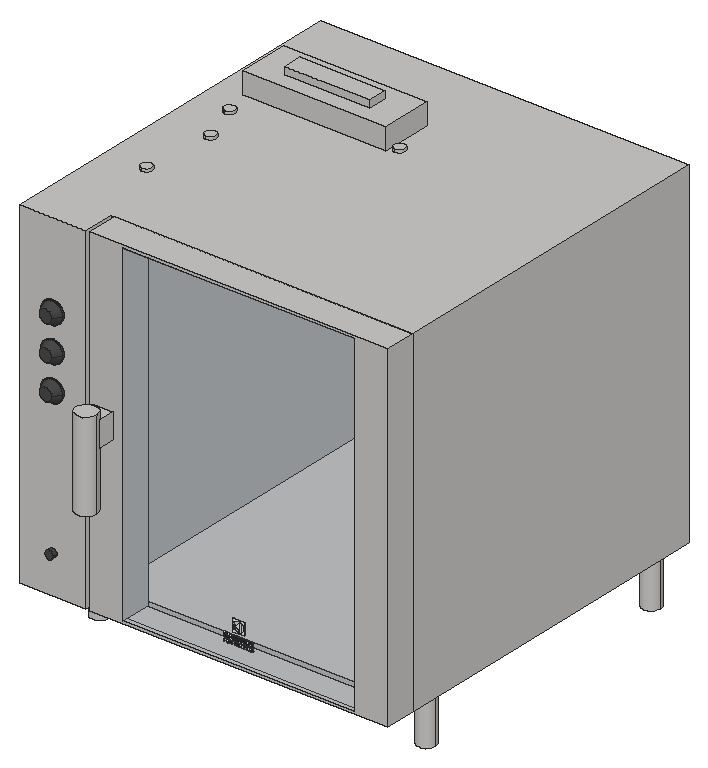
Revit family "QF_ELECTROLUXPROFESSIONAL_260819_EFCG11CSAS", category Attrezzature speciali, Revit 2018
Family settings
  Quota connettore circolare = Usa diametro
  Tipo di parte = Normale
  Basato su piano di lavoro = No
  Sempre verticale = Sì
  Taglio con vuoti quando caricato = No
  Condiviso = No
  Punto di calcolo locali = No
Parameters (values of type "Standard")
  Weight = 136.00 kg
  Watts = 350 W
  Volts = 220 V
  URL Manufacturer = "https://www.electroluxprofessional.com/"
  URL = "https://www.electroluxprofessional.com/"
  Steam Supply Size = 0 mm
  Steam Supply Minimum Pressure = 0.0 Pa
  Steam Supply Maximum Pressure = 0.0 Pa
  Steam Consumption per Hour = 0
  Show Logo [instance] = yes
  Show Clearance [instance] = yes
  Refrigeration Suction Line Size = 0 mm
  Refrigeration Liquid Line Size = 0 mm
  Refrigerant Compressor Remote = yes
  Produttore = "Electrolux Professional"
  Phase = 1
  Modello = "EFCG11CSAS"
  Length Actual = 890 mm  # constant formula
  Item Number = "260819"
  Hot Water Size = 0 mm
  Height Actual = 970 mm  # constant formula
  HP = "0.5 HP"
  Gas Size = 12.7 mm
  Gas KW = 18.5
  Gas Input Pressure = 0.102193 W
  Direct Waste Size = 25 mm
  Descrizione = "CONVECTION OVEN CW 10 GN 1/1 - GAS"
  Depth Actual = 900 mm  # constant formula
  Cycle = 50 Hz
  Condensate Return Size = 0 mm
  Compressed Air Volume = 0.0 L/s
  Compressed Air Size = 0 mm
  Compressed Air Pressure = 0.0 Pa
  Cold Water Size = 19.05 mm
  Accessory = yes
Types (2, lengths in mm): name | URL | Produttore | Phase | Modello | Gas Size | Direct Waste Size | Descrizione | Cold Water Size
  (no name) | 0 | 0 | 0 | 0 | 0 | 0 | 0 | 0
  Standard | "https://www.electroluxprofessional.com/" | "Electrolux Professional" | 1 | "EFCG11CSAS" | 12.7 | 25 | "CONVECTION OVEN CW 10 GN 1/1 - GAS" | 19.05
Values of the unnamed type that differ from the named types
  Weight = 0.00 kg
  Watts = 0 W
  Volts = 0 V
  URL Manufacturer = ""
  Item Number = ""
  HP = ""
  Gas KW = 0
  Gas Input Pressure = 0 W
  Cycle = 0 Hz
Reference planes
  plane 1 "Center X": y = 24.851
  plane 2: z = 0
  plane 3 "Center Y": x = -315
  plane 4 "LEFT": x = -760
  plane 5 "BACK": y = 479.851
  plane 6 "RIGHT": x = 130
  plane 7 "FRONT": y = -430.149
  plane 8: x = -710
  plane 9: y = 421.851
  plane 10: y = -355.149
  plane 11: x = 80
  plane 12: y = -1111.149
  plane 13: z = 130
  plane 14 "Center Z": z = 950
  plane 15: z = 0
Forms (mm)
  Extrusion 1, solid, material "QF_Finishes_Stainless Steel"
    sketch origin (0, 0, 950) x (-1, 0, 0) y (0, -1, 0)
      loop
        line (760, -479.851) -> (760, 430.149) -> (600, 430.149) -> (600, 355.149) -> (-130, 355.149) -> (-130, -479.851) -> (760, -479.851)
    from 0 to -820
  Extrusion 2, solid, material "QF_Finishes_Stainless Steel"
    sketch origin (0, -430.149, -670) x (-1, 0, 0) y (0, 0, 1)
      loop
        line (590, 1620) -> (-130, 1620) -> (-130, 800) -> (590, 800) -> (590, 1620)
      loop
        line (510, 1615) -> (-50, 1615) -> (-50, 805) -> (510, 805) -> (510, 1615)
    from 0 to 75
  Extrusion 3, solid, material "QF_Finishes_Glass"
    sketch origin (0, -430.149, -670) x (-1, 0, 0) y (0, 0, 1)
      loop
        line (-50, 1615) -> (-50, 805) -> (510, 805) -> (510, 1615) -> (-50, 1615)
    from 0 to 9.69
  Extrusion 4, solid, material "QF_Finishes_Stainless Steel"
    sketch origin (-1, -265, 955) x (0, -1, 0) y (-1, 0, 0)
      loop
        circle (-265.851, 643) r 13.25
    from 0 to 5
  Extrusion 5, solid, material "QF_Door-Drawer Clearances", visible <- "Show Clearance", detail levels coarse
    sketch origin (0, 0, 950) x (-1, 0, 0) y (0, -1, 0)
      loop
        arc (590, 430.149) -> (362.228, 910.45) -> (-130, 1111.149) r 734.22
        line (-130, 1111.149) -> (-130, 430.149) -> (590, 430.149)
    from -820 to 0
  Extrusion 6, solid, material "QF_Finishes_Black"
    sketch origin (24, -430.149, -766.676) x (-1, 0, 0) y (0, 0, 1)
      loop
        circle (704, 1512.5) r 26.676
    from 0 to -3
  Blend 7, solid, material "QF_Finishes_Black"
    base sketch origin (-21, -430.149, -766.676) x (1, 0, 0) y (0, 0, 1)
      loop
        circle (-659, 1512.5) r 25
    top sketch origin (-21, -430.149, -766.676) x (1, 0, 0) y (0, 0, 1)
      loop
        circle (-659, 1512.5) r 15
    from 3 to 21.442
  Extrusion 8, solid, material "QF_Finishes_Black"
    sketch origin (24, -430.149, -851.676) x (-1, 0, 0) y (0, 0, 1)
      loop
        circle (704, 1512.5) r 26.676
    from 0 to -3
  Blend 9, solid, material "QF_Finishes_Black"
    base sketch origin (-21, -430.149, -851.676) x (1, 0, 0) y (0, 0, 1)
      loop
        circle (-659, 1512.5) r 25
    top sketch origin (-21, -430.149, -851.676) x (1, 0, 0) y (0, 0, 1)
      loop
        circle (-659, 1512.5) r 15
    from 3 to 21.442
  Extrusion 10, solid, material "QF_Finishes_Black"
    sketch origin (24, -430.149, -936.676) x (-1, 0, 0) y (0, 0, 1)
      loop
        circle (704, 1512.5) r 26.676
    from 0 to -3
  Blend 11, solid, material "QF_Finishes_Black"
    base sketch origin (-21, -430.149, -936.676) x (1, 0, 0) y (0, 0, 1)
      loop
        circle (-659, 1512.5) r 25
    top sketch origin (-21, -430.149, -936.676) x (1, 0, 0) y (0, 0, 1)
      loop
        circle (-659, 1512.5) r 15
    from 3 to 21.442
  Extrusion 12, solid, material "QF_Finishes_Stainless Steel"
    sketch origin (-18, -437, 955) x (0, -1, 0) y (-1, 0, 0)
      loop
        circle (-265.851, 643) r 13.25
    from 0 to 5
  Extrusion 13, solid, material "QF_Finishes_Stainless Steel"
    sketch origin (309, -81, 955) x (0, -1, 0) y (-1, 0, 0)
      loop
        circle (-265.851, 643) r 13.25
    from 0 to 5
  Extrusion 14, solid, material "QF_Finishes_Stainless Steel"
    sketch origin (0, 0, 575) x (-1, 0, 0) y (0, -1, 0)
      loop
        circle (559.299, 480.149) r 25
    from -193.655 to 20
  Extrusion 15, solid, material "QF_Finishes_Stainless Steel"
    sketch origin (0, 0, 575) x (-1, 0, 0) y (0, -1, 0)
      loop
        line (534.299, 480.149) -> (534.299, 430.149) -> (584.299, 430.149) -> (584.299, 480.149)
        arc (584.299, 480.149) -> (559.299, 455.149) -> (534.299, 480.149) r 25
    from -55.026 to 5
  Extrusion 16, solid, material "QF_Finishes_Black"
    sketch origin (25, -480.149, -1017.5) x (-1, 0, 0) y (0, 0, 1)
      loop
        circle (705.941, 1240.523) r 10
    from 40 to 50
  Extrusion 17, solid, material "QF_Finishes_Stainless Steel"
    sketch origin (-34, -166, 955) x (0, -1, 0) y (-1, 0, 0)
      loop
        circle (-265.851, 643) r 13.25
    from 0 to 5
  Extrusion 18, solid, material "QF_Finishes_Stainless Steel"
    sketch origin (-84.755, -13.423, 1620) x (-1, 0, 0) y (0, -1, 0)
      loop
        line (611.245, -302.274) -> (611.245, -178.274) -> (265.245, -178.274) -> (265.245, -302.274) -> (611.245, -302.274)
    from -670 to -619
  Extrusion 19, solid, material "QF_Finishes_Stainless Steel"
    sketch origin (-84.755, -13.423, 1001) x (-1, 0, 0) y (0, -1, 0)
      loop
        line (541.245, -263.274) -> (541.245, -217.274) -> (335.245, -217.274) -> (335.245, -263.274) -> (541.245, -263.274)
    from 0 to 17
  Extrusion 20, void
    sketch origin (-600, -680.149, 1750) x (-1, 0, 0) y (0, 0, 1)
      loop
        line (0, -819.037) -> (-650, -819.037) -> (-650, -1605) -> (0, -1605) -> (0, -819.037)
    from 325 to 1102
Cuts and joins
  Extrusion 20 cuts Extrusion 1
Lines and regions (mm)
  Split face 1
    outline origin (-760, -430.149, 950) x (0, 0, -1) y (1, 0, 0)
      loop
        line (5, 15) -> (815, 15) -> (815, 145) -> (5, 145) -> (5, 15)
  Split face 2
    outline origin (-776.25, -430.149, 941.25) x (0, 0, -1) y (1, 0, 0)
      loop
        line (447.5, 78.5) -> (463.75, 78.5) -> (463.75, 113.5) -> (447.5, 113.5) -> (447.5, 78.5)
  Split face 3
    outline origin (30, -430.149, 135) x (1, 0, 0) y (0, 0, 1)
      loop
        line (-526.223, 92.039) -> (-375, 92.039) -> (-346.716, 120.323) -> (-260, 120.323) -> (-173.284, 120.323) -> (-145, 92.039) -> (6.223, 92.039) -> (6.223, 732.039) -> (-526.223, 732.039) -> (-526.223, 92.039)
  Split face 4
    outline origin (-760, -430.149, 950) x (0, 0, -1) y (1, 0, 0)
      loop
        line (770, 15) -> (770, 145)
  Split face 5
    outline origin (-640, -430.149, 950) x (-1, 0, 0) y (0, 0, -1)
      loop
        line (105, 50) -> (-25, 50)
  symbolic lines
    curve 1: line (-760, -430.149, 1620) -> (-760, 479.851, 1620)
    curve 2: line (-760, 479.851, 1620) -> (130, 479.851, 1620)
    curve 3: line (-600, -355.149, 1620) -> (130, -355.149, 1620)
    curve 4: line (-600, -355.149, 1620) -> (-600, -430.149, 1620)
    curve 5: line (-760, -430.149, 1620) -> (130, -430.149, 1620)
    curve 6: line (-706.676, -433.149, 1620) -> (-653.324, -433.149, 1620)
    curve 7: line (-695, -451.591, 1620) -> (-665, -451.591, 1620)
    curve 8: line (-706.676, -433.149, 1620) -> (-706.676, -430.149, 1620)
    curve 9: line (-653.324, -433.149, 1620) -> (-653.324, -430.149, 1620)
    curve 10: line (-695, -451.591, 1620) -> (-705, -433.149, 1620)
    curve 11: line (-665, -451.591, 1620) -> (-655.006, -433.149, 1620)
    curve 12: line (130, 479.851, 1620) -> (130, -430.149, 1620)
    curve 15: arc (-534.299, -480.149, 1620) -> (-559.299, -455.149, 1620) -> (-584.299, -480.149, 1620) r 25
    curve 16: arc (-584.299, -480.149, 1620) -> (-559.299, -505.149, 1620) -> (-534.299, -480.149, 1620) r 25
    curve 17: line (-534.299, -480.149, 1620) -> (-534.299, -430.149, 1620)
    curve 18: line (-584.299, -430.149, 1620) -> (-584.299, -480.149, 1620)
    curve 19: line (-420, 249.851, 1001) -> (-626, 249.851, 1001)
    curve 20: line (-626, 249.851, 1001) -> (-626, 203.851, 1001)
    curve 21: line (-626, 203.851, 1001) -> (-420, 203.851, 1001)
    curve 22: line (-420, 203.851, 1001) -> (-420, 249.851, 1001)
    curve 23: line (-350, 288.851, 1001) -> (-696, 288.851, 1001)
    curve 24: line (-696, 288.851, 1001) -> (-696, 164.851, 1001)
    curve 25: line (-696, 164.851, 1001) -> (-350, 164.851, 1001)
    curve 26: line (-350, 164.851, 1001) -> (-350, 288.851, 1001)
  symbolic lines, style "QF_Door-Drawer Clearances"
    curve 13: line (130, -1111.149, 1620) -> (130, -430.149, 1620)
    curve 14: arc (-590, -430.149, 1620) -> (-362.228, -910.45, 1620) -> (130, -1111.149, 1620) r 734.22
Dimensions and locks
  equal spacing: plane 4 "LEFT", plane 3 "Center Y", plane 6 "RIGHT"
  plane 4 "LEFT" to plane 6 "RIGHT" = 890 mm
  plane 5 "BACK" to plane 7 "FRONT" = 910 mm
  equal spacing: plane 5 "BACK", plane 1 "Center X", plane 7 "FRONT"
  plane 5 "BACK" to plane 12 = 1591 mm
  plane 13 to plane 15 = 130 mm
  plane 14 "Center Z" to plane 13 = 820 mm
  plane 14 "Center Z" to plane 15 = 950 mm
  aligned and locked: level to plane 2
  aligned and locked: plane 13 to nested 1
  aligned and locked: plane 13 to nested 2
  aligned and locked: plane 13 to nested 4
  aligned and locked: plane 13 to nested 3
  aligned and locked: Extrusion 1 to plane 13
  aligned and locked: Blend 7 to Extrusion 6
  aligned and locked: Blend 9 to Extrusion 8
  aligned and locked: Blend 11 to Extrusion 10
  aligned and locked: Extrusion 18 to plane 14 "Center Z"
Automatic sketch dimensions
  curve 14 to plane 6 "RIGHT" = 0 mm
  curve 17 to plane 7 "FRONT" = 0 mm
  curve 4 to plane 10 = 0 mm
  curve 1 to plane 4 "LEFT" = 0 mm
  curve 1 to plane 5 "BACK" = 0 mm
  curve 13 to plane 12 = 0 mm
  plane 6 "RIGHT" to curve 14 = 12.296 mm
  curve 17 to plane 7 "FRONT" = 50 mm
  plane 8 to curve 17 = 175.701 mm
  curve 15 to curve 16 = 25 mm
  curve 18 to curve 4 = 15.701 mm
  curve 9 to plane 7 "FRONT" = 3 mm
  curve 4 to curve 9 = 53.324 mm
  curve 6 to curve 7 = 11.676 mm
  plane 8 to curve 7 = 15 mm
  plane 8 to curve 8 = 3.324 mm
  curve 14 to plane 10 = 21.883 mm
  curve 10 to curve 10 = 18.442 mm
  curve 6 to curve 11 = 1.682 mm
  curve 10 to curve 6 = 1.676 mm
  Extrusion 1 sketch curve to plane 5 "BACK" = 0 mm
  Extrusion 1 sketch curve to plane 6 "RIGHT" = 0 mm
  Extrusion 1 sketch curve to plane 10 = 0 mm
  Extrusion 1 sketch curve to plane 7 "FRONT" = 0 mm
  Extrusion 1 sketch curve to plane 4 "LEFT" = 0 mm
  plane 8 to Extrusion 1 sketch curve = 110 mm
  Extrusion 2 sketch curve to plane 6 "RIGHT" = 0 mm
  Extrusion 2 sketch curve to plane 13 = 0 mm
  Extrusion 2 sketch curve to plane 14 "Center Z" = 0 mm
  plane 13 to Extrusion 2 sketch curve = 5 mm
  Extrusion 2 sketch curve to plane 11 = 30 mm
  Extrusion 2 sketch curve to plane 14 "Center Z" = 5 mm
  Extrusion 2 sketch curve to plane 3 "Center Y" = 195 mm
  Extrusion 2 sketch curve to Extrusion 2 sketch curve = 80 mm
  plane 13 to Extrusion 3 sketch curve = 5 mm
  Extrusion 3 sketch curve to plane 11 = 30 mm
  Extrusion 3 sketch curve to plane 3 "Center Y" = 195 mm  (x2)
  Extrusion 3 sketch curve to plane 14 "Center Z" = 5 mm
  plane 1 "Center X" to Extrusion 4 sketch curve = 24 mm
  plane 8 to Extrusion 4 sketch curve = 66 mm
  Extrusion 5 sketch curve to plane 6 "RIGHT" = 0 mm
  Extrusion 5 sketch curve to plane 7 "FRONT" = 0 mm
  Extrusion 5 sketch curve to plane 12 = 0 mm
  plane 6 "RIGHT" to Extrusion 5 sketch curve = 12.296 mm
  plane 8 to Extrusion 5 sketch curve = 120 mm
  Split face 1 sketch curve to Extrusion 1 = 5 mm  (x2)
  Split face 1 sketch curve to Extrusion 1 = 15 mm  (x2)
  plane 8 to Extrusion 6 sketch curve = 30 mm
  Extrusion 6 sketch curve to plane 14 "Center Z" = 204.176 mm
  Extrusion 2 to Blend 7 sketch curve = 90 mm  (x2)
  Extrusion 2 to Blend 7 sketch curve = 199.176 mm  (x2)
  plane 8 to Extrusion 8 sketch curve = 30 mm
  Extrusion 8 sketch curve to plane 14 "Center Z" = 289.176 mm
  Extrusion 2 to Blend 9 sketch curve = 90 mm  (x2)
  Extrusion 2 to Blend 9 sketch curve = 284.176 mm  (x2)
  plane 8 to Extrusion 10 sketch curve = 30 mm
  Extrusion 10 sketch curve to plane 14 "Center Z" = 374.176 mm
  Extrusion 2 to Blend 11 sketch curve = 90 mm  (x2)
  Extrusion 2 to Blend 11 sketch curve = 369.176 mm  (x2)
  Split face 2 sketch curve to Extrusion 1 = 62.75 mm
  Split face 2 sketch curve to Extrusion 1 = 363.75 mm
  Split face 2 sketch curve to Split face 2 sketch curve = 16.25 mm
  Split face 2 sketch curve to Split face 2 sketch curve = 35 mm
  plane 8 to Extrusion 12 sketch curve = 49 mm
  plane 10 to Extrusion 12 sketch curve = 184 mm
  Extrusion 13 sketch curve to plane 3 "Center Y" = 19 mm
  Extrusion 13 sketch curve to plane 1 "Center X" = 160 mm
  Extrusion 14 sketch curve to plane 7 "FRONT" = 50 mm
  plane 8 to Extrusion 14 sketch curve = 150.701 mm
  Extrusion 15 sketch curve to plane 7 "FRONT" = 0 mm
  plane 8 to Extrusion 15 sketch curve = 175.701 mm
  Extrusion 15 sketch curve to Extrusion 15 sketch curve = 25 mm
  Extrusion 15 sketch curve to plane 7 "FRONT" = 50 mm
  Split face 3 sketch curve to Extrusion 3 = 13.777 mm  (x2)
  Split face 3 sketch curve to Split face 3 sketch curve = 151.223 mm
  Split face 3 sketch curve to Split face 3 sketch curve = 28.284 mm  (x3)
  Split face 3 sketch curve to Split face 3 sketch curve = 86.716 mm  (x2)
  Split face 3 sketch curve to Extrusion 3 = 92.039 mm  (x2)
  Split face 3 sketch curve to Extrusion 3 = 77.961 mm
  Split face 4 sketch curve to Extrusion 1 = 15 mm  (x2)
  Split face 4 sketch curve to Extrusion 1 = 50 mm
  plane 8 to Extrusion 16 sketch curve = 29.059 mm
  plane 13 to Extrusion 16 sketch curve = 93.023 mm
  Split face 5 sketch curve to Extrusion 1 = 15 mm  (x2)
  Split face 5 sketch curve to Extrusion 1 = 50 mm
  Extrusion 17 sketch curve to plane 1 "Center X" = 75 mm
  plane 8 to Extrusion 17 sketch curve = 33 mm
  Extrusion 18 sketch curve to plane 3 "Center Y" = 35 mm
  plane 8 to Extrusion 18 sketch curve = 14 mm
  Extrusion 18 sketch curve to plane 9 = 133 mm
  Extrusion 18 sketch curve to Extrusion 18 sketch curve = 124 mm
  Extrusion 19 sketch curve to Extrusion 18 = 70 mm  (x2)
  Extrusion 19 sketch curve to Extrusion 18 = 39 mm  (x2)
  curve 22 to Extrusion 18 = 70 mm
  curve 21 to Extrusion 18 = 70 mm
  curve 19 to Extrusion 18 = 39 mm
  curve 21 to Extrusion 18 = 39 mm
  curve 23 to Extrusion 18 = 0 mm  (x2)
  curve 24 to Extrusion 18 = 0 mm
  Extrusion 18 to curve 25 = 0 mm
  Extrusion 20 sketch curve to plane 11 = 30 mm
  plane 13 to Extrusion 20 sketch curve = 15 mm
  plane 8 to Extrusion 20 sketch curve = 110 mm
  Extrusion 20 sketch curve to plane 14 "Center Z" = 19.037 mm
  radius of Extrusion 4 sketch curve = 13.25 mm
  radius of Extrusion 6 sketch curve = 26.676 mm
  radius of Blend 7 sketch curve = 25 mm
  radius of Blend 7 sketch curve = 15 mm
  radius of Extrusion 8 sketch curve = 26.676 mm
  radius of Blend 9 sketch curve = 25 mm
  radius of Blend 9 sketch curve = 15 mm
  radius of Extrusion 10 sketch curve = 26.676 mm
  radius of Blend 11 sketch curve = 25 mm
  radius of Blend 11 sketch curve = 15 mm
  radius of Extrusion 12 sketch curve = 13.25 mm
  radius of Extrusion 13 sketch curve = 13.25 mm
  radius of Extrusion 14 sketch curve = 25 mm
  radius of Extrusion 16 sketch curve = 10 mm
  radius of Extrusion 17 sketch curve = 13.25 mm
Nested families
  nested 1: "Foot" at (-710, -250.149, 0), type "Foot"
    with Ø 22 mm, H 130 mm
  nested 2: "Foot" at (80, -250.149, 0), type "Foot"
    with Ø 22 mm, H 130 mm
  nested 3: "Foot" at (80, 429.851, 0), type "Foot"
    with Ø 22 mm, H 130 mm
  nested 4: "Foot" at (-710, 429.851, 0), type "Foot"
    with Ø 22 mm, H 130 mm
  nested 5: "ELX_Pro_Logo" at (-230, -430.149, 203.512) x (1, 0, 0) z (0, -1, 0), type "ELX_Pro_Logo"
Connectors
  piping at (-334, 184.851, 955), diameter 25, driven by "Direct Waste Size"
    settings: on Extrusion 13, index 6, connector inside diameter 609.6 mm, connector length 0 mm, flow factor 0, pipe flow 0.0 L/s, pressure drop 0.0 Pa, fitting loss kfactor 0, connector angle 0.00°, fixture units 0, engagement length 0 mm, angle of deflection 0.00°, flow configuration 0, flow direction 0, fitting loss method 0, system type 16, joint type 0, gender type 0, connector reference index -1, connector utility 0, adjustable connector no, is connector primary yes, connector description "Drain"
  electrical at (-661, -171.149, 955)
    settings: on Extrusion 12, index 7, voltage 0 V, apparent load 0 VA, apparent load phase1 0 VA, apparent load phase2 0 VA, apparent load phase3 0 VA, power factor 1, load classification "Altro", number of poles 1, system type 30, power factor state 1, is connector primary yes, connector utility no, sub classification motor no, connector description ""
  piping at (-644, 0.851, 955), diameter 19.05, driven by "Cold Water Size"
    settings: on Extrusion 4, index 8, connector inside diameter 609.6 mm, connector length 0 mm, flow factor 0, pipe flow 0.0 L/s, pressure drop 0.0 Pa, fitting loss kfactor 0, connector angle 0.00°, fixture units 0, engagement length 0 mm, angle of deflection 0.00°, flow configuration 0, flow direction 0, fitting loss method 0, system type 20, joint type 0, gender type 0, connector reference index -1, connector utility 0, adjustable connector no, is connector primary no, connector description "Cold Water Inlet"
  piping at (-677, 99.851, 955), diameter 26.4
    settings: on Extrusion 17, index 9, connector inside diameter 609.6 mm, connector length 0 mm, flow factor 0, pipe flow 0.0 L/s, pressure drop 0.0 Pa, fitting loss kfactor 0, connector angle 0.00°, fixture units 0, engagement length 0 mm, angle of deflection 0.00°, flow configuration 0, flow direction 0, fitting loss method 0, system type 22, joint type 0, gender type 0, connector reference index -1, connector utility 0, adjustable connector no, is connector primary no, connector description "Gas"
Definition of nested family "Foot"
  Parameters
    Ø [instance] = 20 mm
    H [instance] = 50 mm
  Reference planes
    plane 1 "Centro (Fronte/Retro)": y = 0
    plane 2: z = 0
    plane 3 "Centro (Sinistra/Destra)": x = 0
    plane 4: z = 50
  Forms (mm)
    Revolve 1, solid
      sketch origin (255.05, 0, 608.09) x (0, 0, 1) y (-1, 0, 0)
        loop
          line (-608.09, 255.05) -> (-608.09, 235.05) -> (-558.09, 235.05) -> (-558.09, 255.05) -> (-608.09, 255.05)
        axis (-608.09, 255.05) -> (-558.09, 255.05)
      angle from 0 to 360
  Dimensions and locks
    "H": plane 4 to plane 2
    "Ø": Revolve 1 sketch curve to Revolve 1 sketch curve
    aligned and locked: level to plane 2
    aligned and locked: plane 4 to Revolve 1 sketch curve
    aligned and locked: Revolve 1 sketch curve to level
    aligned and locked: plane 3 "Centro (Sinistra/Destra)" to Revolve 1 sketch curve
  Automatic sketch dimensions
    Revolve 1 sketch curve to plane 3 "Centro (Sinistra/Destra)" = 0 mm
    Revolve 1 sketch curve to Revolve 1 sketch curve = 50 mm
    Revolve 1 sketch curve to Revolve 1 sketch curve = 20 mm
Definition of nested family "ELX_Pro_Logo"
  Parameters (values of type "ELX_Pro_Logo")
    M = none
    Default Elevation = 0 mm
  Reference planes
    plane 1 "Centro (Fronte/Retro)": y = 0
    plane 2: z = 0
    plane 3 "Centro (Sinistra/Destra)": x = 0
  Forms (mm)
    Extrusion 1, solid
      sketch origin (0, 0, 0) x (1, 0, 0) y (0, 1, 0)
        loop
          line (-1219.2, 1219.2) -> (-1219.2, -1219.2) -> (1219.2, -1219.2) -> (1219.2, 1219.2) -> (-1219.2, 1219.2)
      from 0 to -304.8
    Extrusion 2, solid, material <- "M"
      sketch origin (-144.622, -1081.55, 0) x (-1, 0, 0) y (0, -1, 0)
        loop
          line (-111.329, -1069.559) -> (-111.329, -1071.073) -> (-116.048, -1071.073) -> (-116.048, -1072.896) -> (-111.328, -1072.896) -> (-111.328, -1075.549) -> (-116.349, -1075.549) -> (-116.349, -1077.368) -> (-109.396, -1077.368) -> (-109.396, -1073.46) -> (-109.396, -1069.659)
          arc (-109.396, -1069.659) -> (-110.425, -1067.175) -> (-112.909, -1066.146) r 3.513
          line (-112.909, -1066.146) -> (-116.483, -1066.146) -> (-116.483, -1067.963) -> (-112.925, -1067.963)
          arc (-112.925, -1067.963) -> (-111.797, -1068.431) -> (-111.329, -1069.559) r 1.596
        loop
          line (-119.79, -1077.358) -> (-117.856, -1077.358) -> (-117.856, -1072.053) -> (-117.856, -1066.132) -> (-119.79, -1066.132) -> (-119.79, -1072.092) -> (-119.79, -1077.358)
        loop
          line (-122.986, -1069.718) -> (-129.327, -1069.718)
          arc (-129.327, -1069.718) -> (-129.219, -1071.449) -> (-128.497, -1073.026) r 4.757
          arc (-128.497, -1073.026) -> (-125.237, -1074.5) -> (-121.978, -1073.026) r 4.34
          arc (-121.978, -1073.026) -> (-121.072, -1070.207) -> (-121.978, -1067.388) r 4.838
          arc (-121.978, -1067.388) -> (-125.393, -1065.933) -> (-128.809, -1067.388) r 4.737
          line (-128.809, -1067.388) -> (-127.645, -1068.52)
          arc (-127.645, -1068.52) -> (-125.509, -1067.576) -> (-123.374, -1068.52) r 2.888
          arc (-123.374, -1068.52) -> (-123.05, -1069.077) -> (-122.986, -1069.718) r 1.527
        loop
          arc (-127.386, -1071.076) -> (-126.67, -1072.331) -> (-125.331, -1072.872) r 2.201
          arc (-125.331, -1072.872) -> (-123.848, -1072.402) -> (-123.033, -1071.076) r 2.23
          line (-123.033, -1071.076) -> (-127.386, -1071.076)
        loop
          line (-136.862, -1071.886) -> (-138.059, -1073.132)
          arc (-138.059, -1073.132) -> (-130.327, -1070.219) -> (-138.059, -1067.306) r 4.415
          line (-138.059, -1067.306) -> (-136.862, -1068.553)
          arc (-136.862, -1068.553) -> (-132.252, -1070.22) -> (-136.862, -1071.886) r 2.606
        loop
          line (-141.192, -1069.673) -> (-141.192, -1072.494) -> (-142.951, -1072.494) -> (-142.951, -1074.25) -> (-141.195, -1074.25) -> (-141.195, -1077.358) -> (-139.262, -1077.358) -> (-139.262, -1073.332) -> (-139.262, -1069.514)
          arc (-139.262, -1069.514) -> (-140.299, -1066.92) -> (-142.98, -1066.132) r 3.196
          line (-142.98, -1066.132) -> (-142.987, -1067.949)
          arc (-142.987, -1067.949) -> (-141.652, -1068.356) -> (-141.192, -1069.673) r 1.542
        loop
          line (-146.494, -1073.042) -> (-146.494, -1074.25) -> (-144.576, -1074.25) -> (-144.576, -1070.271) -> (-144.576, -1066.132) -> (-146.494, -1066.132) -> (-146.494, -1070.401)
          arc (-146.494, -1070.401) -> (-147.446, -1072.228) -> (-149.489, -1072.494) r 2.229
          line (-149.489, -1072.494) -> (-149.489, -1074.362)
          arc (-149.489, -1074.362) -> (-147.761, -1074.226) -> (-146.494, -1073.042) r 2.627
        loop
          line (-159.833, -1072.246) -> (-159.833, -1066.131) -> (-161.767, -1066.131) -> (-161.767, -1072.17) -> (-161.767, -1077.359) -> (-159.833, -1077.359) -> (-159.833, -1072.246)
        loop
          line (-165.194, -1069.514) -> (-165.194, -1074.25) -> (-163.245, -1074.25) -> (-163.245, -1071.898) -> (-163.245, -1069.098)
          arc (-163.245, -1069.098) -> (-166.96, -1065.769) -> (-170.687, -1069.085) r 3.745
          line (-170.687, -1069.085) -> (-170.687, -1071.898) -> (-170.687, -1074.25) -> (-168.739, -1074.25) -> (-168.739, -1069.514)
          arc (-168.739, -1069.514) -> (-166.967, -1067.742) -> (-165.194, -1069.514) r 1.772
        loop
          line (-174.654, -1070.416) -> (-172.975, -1068.078) -> (-171.578, -1066.131) -> (-173.656, -1066.131) -> (-175.717, -1068.999) -> (-177.779, -1066.131) -> (-179.857, -1066.131) -> (-178, -1068.728) -> (-176.781, -1070.433) -> (-178.29, -1072.488) -> (-179.583, -1074.25) -> (-177.473, -1074.25) -> (-175.717, -1071.818) -> (-173.945, -1074.25) -> (-171.852, -1074.25) -> (-173.052, -1072.608) -> (-174.654, -1070.416)
        loop
          circle (-154.223, -1070.188) r 2.508
        loop
          circle (-154.223, -1070.188) r 4.42
        loop
          line (-110.224, -1058.542) -> (-111.194, -1058.542)
          arc (-111.194, -1058.542) -> (-112.217, -1059.95) -> (-110.924, -1061.114) r 1.3
          line (-110.924, -1061.114) -> (-109.424, -1061.114) -> (-109.424, -1057.223) -> (-110.224, -1057.223) -> (-110.224, -1058.542)
        loop
          line (-110.224, -1060.379) -> (-110.224, -1059.293) -> (-111.03, -1059.293)
          arc (-111.03, -1059.293) -> (-111.43, -1059.836) -> (-111.03, -1060.379) r 0.569
          line (-111.03, -1060.379) -> (-110.224, -1060.379)
        loop
          line (-116.302, -1058.564) -> (-117.128, -1058.564) -> (-117.934, -1057.223) -> (-118.841, -1057.223) -> (-117.833, -1058.884)
          arc (-117.833, -1058.884) -> (-118.214, -1060.282) -> (-117.028, -1061.114) r 1.26
          line (-117.028, -1061.114) -> (-115.503, -1061.114) -> (-115.503, -1057.223) -> (-116.302, -1057.223) -> (-116.302, -1058.564)
        loop
          line (-116.302, -1060.379) -> (-116.302, -1059.293) -> (-117.109, -1059.293)
          arc (-117.109, -1059.293) -> (-117.508, -1059.836) -> (-117.109, -1060.379) r 0.569
          line (-117.109, -1060.379) -> (-116.302, -1060.379)
        loop
          line (-128.923, -1057.223) -> (-129.723, -1057.223) -> (-129.723, -1058.714) -> (-131.187, -1058.714) -> (-131.187, -1059.514) -> (-129.723, -1059.514) -> (-129.723, -1060.314) -> (-131.327, -1060.314) -> (-131.327, -1061.114) -> (-128.923, -1061.114) -> (-128.923, -1057.223)
        loop
          arc (-134.628, -1058.469) -> (-134.992, -1057.588) -> (-135.874, -1057.223) r 1.246
          line (-135.874, -1057.223) -> (-137.13, -1057.223) -> (-137.13, -1058.023) -> (-135.969, -1058.023)
          arc (-135.969, -1058.023) -> (-135.53, -1058.237) -> (-135.427, -1058.714) r 0.558
          line (-135.427, -1058.714) -> (-136.984, -1058.714) -> (-136.984, -1059.514) -> (-135.427, -1059.514) -> (-135.427, -1060.314) -> (-137.092, -1060.314) -> (-137.092, -1061.114) -> (-134.628, -1061.114) -> (-134.628, -1058.469)
        loop
          line (-152.3, -1057.223) -> (-153.1, -1057.223) -> (-153.1, -1061.114) -> (-152.3, -1061.114) -> (-152.3, -1057.223)
        loop
          line (-164.67, -1057.223) -> (-164.67, -1059.67) -> (-166.45, -1057.223) -> (-167.25, -1057.223) -> (-167.25, -1061.114) -> (-166.42, -1061.114) -> (-166.42, -1058.594) -> (-164.64, -1061.114) -> (-163.84, -1061.114) -> (-163.84, -1057.223) -> (-164.67, -1057.223)
        loop
          line (-170.403, -1057.223) -> (-171.262, -1057.223) -> (-171.641, -1058.063) -> (-173.08, -1058.063) -> (-173.459, -1057.223) -> (-174.317, -1057.223) -> (-172.796, -1061.113) -> (-171.996, -1061.113) -> (-170.403, -1057.223)
        loop
          line (-177.493, -1057.223) -> (-179.789, -1057.223) -> (-179.789, -1058.023) -> (-178.293, -1058.023) -> (-178.293, -1061.114) -> (-177.493, -1061.114) -> (-177.493, -1057.223)
        loop
          line (-172.362, -1059.848) -> (-171.945, -1058.83) -> (-172.76, -1058.83) -> (-172.362, -1059.848)
        loop
          circle (-158.484, -1059.145) r 1.288
        loop
          circle (-158.484, -1059.145) r 2.065
        loop
          arc (-146.04, -1058.095) -> (-146.933, -1057.275) -> (-148.145, -1057.245) r 1.725
          arc (-148.145, -1057.245) -> (-148.965, -1058.02) -> (-148.68, -1059.111) r 1.107
          arc (-148.68, -1059.111) -> (-148.103, -1059.465) -> (-147.486, -1059.746) r 5.523
          arc (-147.486, -1059.746) -> (-147.147, -1060.262) -> (-147.708, -1060.52) r 0.407
          arc (-147.708, -1060.52) -> (-148.045, -1060.315) -> (-148.325, -1060.038) r 1.702
          line (-148.325, -1060.038) -> (-149.011, -1060.45)
          arc (-149.011, -1060.45) -> (-148.578, -1060.911) -> (-148.043, -1061.247) r 2.463
          arc (-148.043, -1061.247) -> (-146.373, -1060.466) -> (-147.42, -1058.949) r 1.207
          spline (-147.42, -1058.949) -> (-147.716, -1058.809) -> (-147.932, -1058.678) -> (-148.077, -1058.557) -> (-148.163, -1058.446) -> (-148.198, -1058.347) -> (-148.192, -1058.258) -> (-148.157, -1058.182) -> (-148.102, -1058.118) -> (-148.037, -1058.068) -> (-147.972, -1058.031) -> (-147.917, -1058.008) -> (-147.883, -1058)
          arc (-147.883, -1058) -> (-147.238, -1058.014) -> (-146.759, -1058.446) r 0.925
          line (-146.759, -1058.446) -> (-146.04, -1058.095)
        loop
          arc (-140.18, -1058.095) -> (-141.073, -1057.275) -> (-142.285, -1057.245) r 1.725
          arc (-142.285, -1057.245) -> (-143.106, -1058.02) -> (-142.821, -1059.111) r 1.107
          arc (-142.821, -1059.111) -> (-142.243, -1059.465) -> (-141.627, -1059.746) r 5.523
          arc (-141.627, -1059.746) -> (-141.287, -1060.262) -> (-141.849, -1060.52) r 0.407
          arc (-141.849, -1060.52) -> (-142.185, -1060.315) -> (-142.466, -1060.038) r 1.702
          line (-142.466, -1060.038) -> (-143.151, -1060.45)
          arc (-143.151, -1060.45) -> (-142.719, -1060.911) -> (-142.183, -1061.247) r 2.463
          arc (-142.183, -1061.247) -> (-140.513, -1060.466) -> (-141.56, -1058.949) r 1.207
          spline (-141.56, -1058.949) -> (-141.856, -1058.809) -> (-142.072, -1058.678) -> (-142.218, -1058.557) -> (-142.303, -1058.446) -> (-142.338, -1058.347) -> (-142.333, -1058.258) -> (-142.298, -1058.182) -> (-142.242, -1058.118) -> (-142.177, -1058.068) -> (-142.112, -1058.031) -> (-142.057, -1058.008) -> (-142.023, -1058)
          arc (-142.023, -1058) -> (-141.378, -1058.014) -> (-140.9, -1058.446) r 0.925
          line (-140.9, -1058.446) -> (-140.18, -1058.095)
        loop
          circle (-123.484, -1059.145) r 1.288
        loop
          circle (-123.484, -1059.145) r 2.065
        loop
          line (-130.225, -1113.361) -> (-130.225, -1084.645) -> (-158.979, -1084.645) -> (-158.979, -1113.361) -> (-130.225, -1113.361)
        loop
          arc (-148.442, -1086.055) -> (-157.992, -1098.973) -> (-148.442, -1111.892) r 13.512
          line (-148.442, -1111.892) -> (-148.442, -1086.055)
        loop
          line (-147.127, -1086.055) -> (-147.127, -1087.926)
          arc (-147.127, -1087.926) -> (-143.116, -1095.125) -> (-135.48, -1098.224) r 12.412
          line (-135.48, -1098.224) -> (-131.205, -1098.224)
          arc (-131.205, -1098.224) -> (-136.382, -1088.497) -> (-147.127, -1086.055) r 13.242
        loop
          line (-147.127, -1110.021) -> (-147.127, -1112.224)
          arc (-147.127, -1112.224) -> (-136.374, -1109.53) -> (-131.205, -1099.722) r 13.588
          line (-131.205, -1099.722) -> (-135.48, -1099.722)
          arc (-135.48, -1099.722) -> (-143.116, -1102.822) -> (-147.127, -1110.021) r 12.412
      from 0 to 1.6
  Lines and regions (mm)
    symbolic lines
      curve 1: line (-14.357, 31.811, 0) -> (14.357, 31.811, 0)
      curve 2: line (-14.357, 3.095, 0) -> (-14.357, 31.811, 0)
      curve 3: line (14.357, 3.095, 0) -> (-14.357, 3.095, 0)
      curve 4: line (14.357, 31.811, 0) -> (14.357, 3.095, 0)
      curve 5: line (-8.32, 7.722, 0) -> (-9.387, 8.738, 0)
      curve 6: line (-9.387, 8.738, 0) -> (-10.331, 9.866, 0)
      curve 7: line (-10.331, 9.866, 0) -> (-11.141, 11.095, 0)
      curve 8: line (-11.141, 11.095, 0) -> (-11.805, 12.411, 0)
      curve 9: line (-11.805, 12.411, 0) -> (-12.31, 13.803, 0)
      curve 10: line (-12.31, 13.803, 0) -> (-12.646, 15.26, 0)
      curve 11: line (-12.646, 15.26, 0) -> (-12.8, 16.77, 0)
      curve 12: line (-12.8, 16.77, 0) -> (-10.081, 16.77, 0)
      curve 13: line (-10.081, 16.77, 0) -> (-8.466, 16.661, 0)
      curve 14: line (-8.466, 16.661, 0) -> (-6.88, 16.344, 0)
      curve 15: line (-6.88, 16.344, 0) -> (-5.345, 15.833, 0)
      curve 16: line (-5.345, 15.833, 0) -> (-3.882, 15.143, 0)
      curve 17: line (-3.882, 15.143, 0) -> (-2.511, 14.288, 0)
      curve 18: line (-2.511, 14.288, 0) -> (-1.255, 13.283, 0)
      curve 19: line (-1.255, 13.283, 0) -> (-0.135, 12.143, 0)
      curve 20: line (-0.135, 12.143, 0) -> (0.83, 10.882, 0)
      curve 21: line (0.83, 10.882, 0) -> (1.616, 9.515, 0)
      curve 22: arc (1.616, 9.515, 0) -> (2.419, 7.28, 0) -> (2.7, 4.923, 0) r 10.532
      curve 23: arc (2.7, 4.923, 0) -> (1.362, 4.715, 0) -> (0.011, 4.633, 0) r 14.39
      curve 24: line (0.011, 4.633, 0) -> (-1.56, 4.731, 0)
      curve 25: line (-1.56, 4.731, 0) -> (-3.062, 5.011, 0)
      curve 26: line (-3.062, 5.011, 0) -> (-4.502, 5.462, 0)
      curve 27: line (-4.502, 5.462, 0) -> (-5.866, 6.072, 0)
      curve 28: line (-5.866, 6.072, 0) -> (-7.142, 6.829, 0)
      curve 29: line (-7.142, 6.829, 0) -> (-8.32, 7.722, 0)
      curve 30: line (-10.802, 24.24, 0) -> (-9.872, 25.531, 0)
      curve 31: line (-9.872, 25.531, 0) -> (-8.796, 26.699, 0)
      curve 32: line (-8.796, 26.699, 0) -> (-7.587, 27.728, 0)
      curve 33: line (-7.587, 27.728, 0) -> (-6.258, 28.602, 0)
      curve 34: line (-6.258, 28.602, 0) -> (-4.823, 29.309, 0)
      curve 35: line (-4.823, 29.309, 0) -> (-3.293, 29.832, 0)
      curve 36: line (-3.293, 29.832, 0) -> (-1.683, 30.156, 0)
      curve 37: arc (-1.683, 30.156, 0) -> (0.517, 30.256, 0) -> (2.702, 29.984, 0) r 13.008
      curve 38: arc (2.702, 29.984, 0) -> (2.453, 27.616, 0) -> (1.617, 25.387, 0) r 9.395
      curve 39: line (1.617, 25.387, 0) -> (0.83, 24.018, 0)
      curve 40: line (0.83, 24.018, 0) -> (-0.134, 22.756, 0)
      curve 41: line (-0.134, 22.756, 0) -> (-1.255, 21.615, 0)
      curve 42: line (-1.255, 21.615, 0) -> (-2.512, 20.609, 0)
      curve 43: line (-2.512, 20.609, 0) -> (-3.882, 19.754, 0)
      curve 44: line (-3.882, 19.754, 0) -> (-5.346, 19.063, 0)
      curve 45: line (-5.346, 19.063, 0) -> (-6.881, 18.551, 0)
      curve 46: line (-6.881, 18.551, 0) -> (-8.467, 18.234, 0)
      curve 47: line (-8.467, 18.234, 0) -> (-10.083, 18.125, 0)
      curve 48: line (-10.083, 18.125, 0) -> (-12.798, 18.125, 0)
      curve 49: line (-12.798, 18.125, 0) -> (-12.584, 19.768, 0)
      curve 50: line (-12.584, 19.768, 0) -> (-12.171, 21.343, 0)
      curve 51: line (-12.171, 21.343, 0) -> (-11.572, 22.839, 0)
      curve 52: line (-11.572, 22.839, 0) -> (-10.802, 24.24, 0)
      curve 53: line (4.048, 5.294, 0) -> (4.048, 29.617, 0)
      curve 54: line (4.048, 29.617, 0) -> (5.525, 29.026, 0)
      curve 55: line (5.525, 29.026, 0) -> (6.905, 28.26, 0)
      curve 56: line (6.905, 28.26, 0) -> (8.174, 27.332, 0)
      curve 57: line (8.174, 27.332, 0) -> (9.318, 26.256, 0)
      curve 58: line (9.318, 26.256, 0) -> (10.323, 25.046, 0)
      curve 59: line (10.323, 25.046, 0) -> (11.177, 23.715, 0)
      curve 60: line (11.177, 23.715, 0) -> (11.865, 22.277, 0)
      curve 61: line (11.865, 22.277, 0) -> (12.375, 20.746, 0)
      curve 62: line (12.375, 20.746, 0) -> (12.693, 19.135, 0)
      curve 63: line (12.693, 19.135, 0) -> (12.804, 17.459, 0)
      curve 64: line (12.804, 17.459, 0) -> (12.702, 15.807, 0)
      curve 65: line (12.702, 15.807, 0) -> (12.396, 14.216, 0)
      curve 66: line (12.396, 14.216, 0) -> (11.897, 12.7, 0)
      curve 67: line (11.897, 12.7, 0) -> (11.218, 11.271, 0)
      curve 68: line (11.218, 11.271, 0) -> (10.372, 9.944, 0)
      curve 69: line (10.372, 9.944, 0) -> (9.37, 8.731, 0)
      curve 70: line (9.37, 8.731, 0) -> (8.224, 7.646, 0)
      curve 71: line (8.224, 7.646, 0) -> (6.947, 6.703, 0)
      curve 72: line (6.947, 6.703, 0) -> (5.551, 5.914, 0)
      curve 73: line (5.551, 5.914, 0) -> (4.048, 5.294, 0)
      curve 74: line (-35.227, -8.09, 0) -> (-35.227, -11.891, 0)
      curve 75: arc (-35.227, -11.891, 0) -> (-34.198, -14.375, 0) -> (-31.714, -15.404, 0) r 3.513
      curve 76: line (-31.714, -15.404, 0) -> (-28.139, -15.404, 0)
      curve 77: line (-28.139, -15.404, 0) -> (-28.139, -13.587, 0)
      curve 78: line (-28.139, -13.587, 0) -> (-31.697, -13.587, 0)
      curve 79: arc (-31.697, -13.587, 0) -> (-32.826, -13.119, 0) -> (-33.293, -11.991, 0) r 1.596
      curve 80: line (-33.293, -11.991, 0) -> (-33.293, -10.477, 0)
      curve 81: line (-33.293, -10.477, 0) -> (-28.574, -10.477, 0)
      curve 82: line (-28.574, -10.477, 0) -> (-28.574, -8.654, 0)
      curve 83: line (-28.574, -8.654, 0) -> (-33.294, -8.654, 0)
      curve 84: line (-33.294, -8.654, 0) -> (-33.294, -6.001, 0)
      curve 85: line (-33.294, -6.001, 0) -> (-28.273, -6.001, 0)
      curve 86: line (-28.273, -6.001, 0) -> (-28.273, -4.182, 0)
      curve 87: line (-28.273, -4.182, 0) -> (-35.227, -4.182, 0)
      curve 88: line (-35.227, -4.182, 0) -> (-35.227, -8.09, 0)
      curve 89: line (-24.833, -9.458, 0) -> (-24.833, -4.192, 0)
      curve 90: line (-24.833, -4.192, 0) -> (-26.766, -4.192, 0)
      curve 91: line (-26.766, -4.192, 0) -> (-26.766, -9.497, 0)
      curve 92: line (-26.766, -9.497, 0) -> (-26.766, -15.418, 0)
      curve 93: line (-26.766, -15.418, 0) -> (-24.833, -15.418, 0)
      curve 94: line (-24.833, -15.418, 0) -> (-24.833, -9.458, 0)
      curve 95: arc (-16.125, -8.524, 0) -> (-19.385, -7.05, 0) -> (-22.645, -8.524, 0) r 4.34
      curve 96: arc (-22.645, -8.524, 0) -> (-23.551, -11.343, 0) -> (-22.645, -14.162, 0) r 4.838
      curve 97: arc (-22.645, -14.162, 0) -> (-19.229, -15.617, 0) -> (-15.813, -14.162, 0) r 4.737
      curve 98: line (-15.813, -14.162, 0) -> (-16.978, -13.03, 0)
      curve 99: arc (-16.978, -13.03, 0) -> (-19.113, -13.974, 0) -> (-21.249, -13.03, 0) r 2.888
      curve 100: arc (-21.249, -13.03, 0) -> (-21.572, -12.473, 0) -> (-21.637, -11.832, 0) r 1.527
      curve 101: line (-21.637, -11.832, 0) -> (-15.295, -11.832, 0)
      curve 102: arc (-15.295, -11.832, 0) -> (-15.404, -10.101, 0) -> (-16.125, -8.524, 0) r 4.757
      curve 103: line (-17.236, -10.474, 0) -> (-21.589, -10.474, 0)
      curve 104: arc (-21.589, -10.474, 0) -> (-20.774, -9.148, 0) -> (-19.291, -8.678, 0) r 2.23
      curve 105: arc (-19.291, -8.678, 0) -> (-17.952, -9.219, 0) -> (-17.236, -10.474, 0) r 2.201
      curve 106: arc (-6.563, -8.418, 0) -> (-14.295, -11.331, 0) -> (-6.563, -14.244, 0) r 4.415
      curve 107: line (-6.563, -14.244, 0) -> (-7.761, -12.997, 0)
      curve 108: arc (-7.761, -12.997, 0) -> (-12.371, -11.33, 0) -> (-7.761, -9.664, 0) r 2.606
      curve 109: line (-7.761, -9.664, 0) -> (-6.563, -8.418, 0)
      curve 110: line (-5.361, -4.192, 0) -> (-5.361, -8.218, 0)
      curve 111: line (-5.361, -8.218, 0) -> (-5.361, -12.036, 0)
      curve 112: arc (-5.361, -12.036, 0) -> (-4.323, -14.63, 0) -> (-1.642, -15.418, 0) r 3.196
      curve 113: line (-1.642, -15.418, 0) -> (-1.636, -13.601, 0)
      curve 114: arc (-1.636, -13.601, 0) -> (-2.97, -13.194, 0) -> (-3.43, -11.877, 0) r 1.542
      curve 115: line (-3.43, -11.877, 0) -> (-3.43, -9.056, 0)
      curve 116: line (-3.43, -9.056, 0) -> (-1.672, -9.056, 0)
      curve 117: line (-1.672, -9.056, 0) -> (-1.672, -7.299, 0)
      curve 118: line (-1.672, -7.299, 0) -> (-3.427, -7.299, 0)
      curve 119: line (-3.427, -7.299, 0) -> (-3.427, -4.192, 0)
      curve 120: line (-3.427, -4.192, 0) -> (-5.361, -4.192, 0)
      curve 121: line (1.872, -7.3, 0) -> (-0.046, -7.3, 0)
      curve 122: line (-0.046, -7.3, 0) -> (-0.046, -11.279, 0)
      curve 123: line (-0.046, -11.279, 0) -> (-0.046, -15.418, 0)
      curve 124: line (-0.046, -15.418, 0) -> (1.872, -15.418, 0)
      curve 125: line (1.872, -15.418, 0) -> (1.872, -11.149, 0)
      curve 126: arc (1.872, -11.149, 0) -> (2.824, -9.322, 0) -> (4.867, -9.056, 0) r 2.229
      curve 127: line (4.867, -9.056, 0) -> (4.867, -7.188, 0)
      curve 128: arc (4.867, -7.188, 0) -> (3.138, -7.324, 0) -> (1.872, -8.508, 0) r 2.627
      curve 129: line (1.872, -8.508, 0) -> (1.872, -7.3, 0)
      curve 130: arc (7.092, -11.362, 0) -> (9.601, -8.854, 0) -> (12.109, -11.362, 0) r 2.508
      curve 131: arc (12.109, -11.362, 0) -> (9.601, -13.871, 0) -> (7.092, -11.362, 0) r 2.508
      curve 132: arc (5.18, -11.362, 0) -> (9.601, -15.783, 0) -> (14.021, -11.362, 0) r 4.42
      curve 133: arc (14.021, -11.362, 0) -> (9.601, -6.942, 0) -> (5.18, -11.362, 0) r 4.42
      curve 134: line (15.211, -4.191, 0) -> (15.211, -9.304, 0)
      curve 135: line (15.211, -9.304, 0) -> (15.211, -15.419, 0)
      curve 136: line (15.211, -15.419, 0) -> (17.145, -15.419, 0)
      curve 137: line (17.145, -15.419, 0) -> (17.145, -9.38, 0)
      curve 138: line (17.145, -9.38, 0) -> (17.145, -4.191, 0)
      curve 139: line (17.145, -4.191, 0) -> (15.211, -4.191, 0)
      curve 140: line (18.622, -7.299, 0) -> (18.622, -9.652, 0)
      curve 141: line (18.622, -9.652, 0) -> (18.622, -12.452, 0)
      curve 142: arc (18.622, -12.452, 0) -> (22.338, -15.781, 0) -> (26.064, -12.465, 0) r 3.745
      curve 143: line (26.064, -12.465, 0) -> (26.064, -9.652, 0)
      curve 144: line (26.064, -9.652, 0) -> (26.064, -7.299, 0)
      curve 145: line (26.064, -7.299, 0) -> (24.116, -7.299, 0)
      curve 146: line (24.116, -7.299, 0) -> (24.116, -12.036, 0)
      curve 147: arc (24.116, -12.036, 0) -> (22.344, -13.808, 0) -> (20.572, -12.036, 0) r 1.772
      curve 148: line (20.572, -12.036, 0) -> (20.572, -7.299, 0)
      curve 149: line (20.572, -7.299, 0) -> (18.622, -7.299, 0)
      curve 150: line (28.43, -8.942, 0) -> (30.032, -11.134, 0)
      curve 151: line (30.032, -11.134, 0) -> (28.353, -13.472, 0)
      curve 152: line (28.353, -13.472, 0) -> (26.955, -15.419, 0)
      curve 153: line (26.955, -15.419, 0) -> (29.033, -15.419, 0)
      curve 154: line (29.033, -15.419, 0) -> (31.095, -12.551, 0)
      curve 155: line (31.095, -12.551, 0) -> (33.156, -15.419, 0)
      curve 156: line (33.156, -15.419, 0) -> (35.234, -15.419, 0)
      curve 157: line (35.234, -15.419, 0) -> (33.378, -12.822, 0)
      curve 158: line (33.378, -12.822, 0) -> (32.158, -11.117, 0)
      curve 159: line (32.158, -11.117, 0) -> (33.668, -9.062, 0)
      curve 160: line (33.668, -9.062, 0) -> (34.961, -7.3, 0)
      curve 161: line (34.961, -7.3, 0) -> (32.851, -7.3, 0)
      curve 162: line (32.851, -7.3, 0) -> (31.095, -9.732, 0)
      curve 163: line (31.095, -9.732, 0) -> (29.323, -7.3, 0)
      curve 164: line (29.323, -7.3, 0) -> (27.23, -7.3, 0)
      curve 165: line (27.23, -7.3, 0) -> (28.43, -8.942, 0)
      curve 166: line (-35.198, -20.436, 0) -> (-35.198, -24.327, 0)
      curve 167: line (-35.198, -24.327, 0) -> (-34.398, -24.327, 0)
      curve 168: line (-34.398, -24.327, 0) -> (-34.398, -23.008, 0)
      curve 169: line (-34.398, -23.008, 0) -> (-33.428, -23.008, 0)
      curve 170: arc (-33.428, -23.008, 0) -> (-32.405, -21.6, 0) -> (-33.699, -20.436, 0) r 1.3
      curve 171: line (-33.699, -20.436, 0) -> (-35.198, -20.436, 0)
      curve 172: line (-34.398, -22.257, 0) -> (-34.398, -21.171, 0)
      curve 173: line (-34.398, -21.171, 0) -> (-33.592, -21.171, 0)
      curve 174: arc (-33.592, -21.171, 0) -> (-33.192, -21.714, 0) -> (-33.592, -22.257, 0) r 0.569
      curve 175: line (-33.592, -22.257, 0) -> (-34.398, -22.257, 0)
      curve 176: line (-29.12, -20.436, 0) -> (-29.12, -24.327, 0)
      curve 177: line (-29.12, -24.327, 0) -> (-28.32, -24.327, 0)
      curve 178: line (-28.32, -24.327, 0) -> (-28.32, -22.986, 0)
      curve 179: line (-28.32, -22.986, 0) -> (-27.494, -22.986, 0)
      curve 180: line (-27.494, -22.986, 0) -> (-26.688, -24.327, 0)
      curve 181: line (-26.688, -24.327, 0) -> (-25.781, -24.327, 0)
      curve 182: line (-25.781, -24.327, 0) -> (-26.789, -22.666, 0)
      curve 183: arc (-26.789, -22.666, 0) -> (-26.409, -21.268, 0) -> (-27.594, -20.436, 0) r 1.26
      curve 184: line (-27.594, -20.436, 0) -> (-29.12, -20.436, 0)
      curve 185: line (-28.32, -22.257, 0) -> (-28.32, -21.171, 0)
      curve 186: line (-28.32, -21.171, 0) -> (-27.514, -21.171, 0)
      curve 187: arc (-27.514, -21.171, 0) -> (-27.114, -21.714, 0) -> (-27.514, -22.257, 0) r 0.569
      curve 188: line (-27.514, -22.257, 0) -> (-28.32, -22.257, 0)
      curve 189: arc (-22.427, -22.405, 0) -> (-21.138, -21.117, 0) -> (-19.85, -22.405, 0) r 1.288
      curve 190: arc (-19.85, -22.405, 0) -> (-21.138, -23.694, 0) -> (-22.427, -22.405, 0) r 1.288
      curve 191: arc (-23.203, -22.405, 0) -> (-21.138, -24.47, 0) -> (-19.074, -22.405, 0) r 2.065
      curve 192: arc (-19.074, -22.405, 0) -> (-21.138, -20.34, 0) -> (-23.203, -22.405, 0) r 2.065
      curve 193: line (-15.7, -20.436, 0) -> (-15.7, -24.327, 0)
      curve 194: line (-15.7, -24.327, 0) -> (-14.9, -24.327, 0)
      curve 195: line (-14.9, -24.327, 0) -> (-14.9, -22.836, 0)
      curve 196: line (-14.9, -22.836, 0) -> (-13.436, -22.836, 0)
      curve 197: line (-13.436, -22.836, 0) -> (-13.436, -22.036, 0)
      curve 198: line (-13.436, -22.036, 0) -> (-14.9, -22.036, 0)
      curve 199: line (-14.9, -22.036, 0) -> (-14.9, -21.236, 0)
      curve 200: line (-14.9, -21.236, 0) -> (-13.295, -21.236, 0)
      curve 201: line (-13.295, -21.236, 0) -> (-13.295, -20.436, 0)
      curve 202: line (-13.295, -20.436, 0) -> (-15.7, -20.436, 0)
      curve 203: line (-9.995, -20.436, 0) -> (-9.995, -23.081, 0)
      curve 204: arc (-9.995, -23.081, 0) -> (-9.63, -23.962, 0) -> (-8.749, -24.327, 0) r 1.246
      curve 205: line (-8.749, -24.327, 0) -> (-7.492, -24.327, 0)
      curve 206: line (-7.492, -24.327, 0) -> (-7.492, -23.527, 0)
      curve 207: line (-7.492, -23.527, 0) -> (-8.653, -23.527, 0)
      curve 208: arc (-8.653, -23.527, 0) -> (-9.092, -23.313, 0) -> (-9.195, -22.836, 0) r 0.558
      curve 209: line (-9.195, -22.836, 0) -> (-7.639, -22.836, 0)
      curve 210: line (-7.639, -22.836, 0) -> (-7.639, -22.036, 0)
      curve 211: line (-7.639, -22.036, 0) -> (-9.195, -22.036, 0)
      curve 212: line (-9.195, -22.036, 0) -> (-9.195, -21.236, 0)
      curve 213: line (-9.195, -21.236, 0) -> (-7.53, -21.236, 0)
      curve 214: line (-7.53, -21.236, 0) -> (-7.53, -20.436, 0)
      curve 215: line (-7.53, -20.436, 0) -> (-9.995, -20.436, 0)
      curve 216: arc (-4.442, -23.455, 0) -> (-3.549, -24.275, 0) -> (-2.337, -24.305, 0) r 1.725
      curve 217: arc (-2.337, -24.305, 0) -> (-1.517, -23.53, 0) -> (-1.802, -22.439, 0) r 1.107
      curve 218: arc (-1.802, -22.439, 0) -> (-2.379, -22.085, 0) -> (-2.996, -21.804, 0) r 5.523
      curve 219: arc (-2.996, -21.804, 0) -> (-3.336, -21.288, 0) -> (-2.774, -21.03, 0) r 0.407
      curve 220: arc (-2.774, -21.03, 0) -> (-2.437, -21.235, 0) -> (-2.157, -21.512, 0) r 1.702
      curve 221: line (-2.157, -21.512, 0) -> (-1.471, -21.1, 0)
      curve 222: arc (-1.471, -21.1, 0) -> (-1.904, -20.639, 0) -> (-2.44, -20.303, 0) r 2.463
      curve 223: arc (-2.44, -20.303, 0) -> (-4.109, -21.084, 0) -> (-3.062, -22.601, 0) r 1.207
      curve 224: line (-3.062, -22.601, 0) -> (-2.6, -23.549, 0)
      curve 225: arc (-2.6, -23.549, 0) -> (-3.244, -23.536, 0) -> (-3.723, -23.104, 0) r 0.925
      curve 226: line (-3.723, -23.104, 0) -> (-4.442, -23.455, 0)
      curve 227: arc (1.418, -23.455, 0) -> (2.311, -24.275, 0) -> (3.523, -24.305, 0) r 1.725
      curve 228: arc (3.523, -24.305, 0) -> (4.343, -23.53, 0) -> (4.058, -22.439, 0) r 1.107
      curve 229: arc (4.058, -22.439, 0) -> (3.48, -22.085, 0) -> (2.864, -21.804, 0) r 5.523
      curve 230: arc (2.864, -21.804, 0) -> (2.524, -21.288, 0) -> (3.086, -21.03, 0) r 0.407
      curve 231: arc (3.086, -21.03, 0) -> (3.423, -21.235, 0) -> (3.703, -21.512, 0) r 1.702
      curve 232: line (3.703, -21.512, 0) -> (4.389, -21.1, 0)
      curve 233: arc (4.389, -21.1, 0) -> (3.956, -20.639, 0) -> (3.42, -20.303, 0) r 2.463
      curve 234: arc (3.42, -20.303, 0) -> (1.75, -21.084, 0) -> (2.798, -22.601, 0) r 1.207
      curve 235: line (2.798, -22.601, 0) -> (3.26, -23.549, 0)
      curve 236: arc (3.26, -23.549, 0) -> (2.616, -23.536, 0) -> (2.137, -23.104, 0) r 0.925
      curve 237: line (2.137, -23.104, 0) -> (1.418, -23.455, 0)
      curve 238: line (7.678, -24.327, 0) -> (8.478, -24.327, 0)
      curve 239: line (8.478, -24.327, 0) -> (8.478, -20.436, 0)
      curve 240: line (8.478, -20.436, 0) -> (7.678, -20.436, 0)
      curve 241: line (7.678, -20.436, 0) -> (7.678, -24.327, 0)
      curve 242: arc (11.797, -22.405, 0) -> (13.862, -24.47, 0) -> (15.926, -22.405, 0) r 2.065
      curve 243: arc (15.15, -22.405, 0) -> (13.862, -23.694, 0) -> (12.573, -22.405, 0) r 1.288
      curve 244: arc (12.573, -22.405, 0) -> (13.862, -21.117, 0) -> (15.15, -22.405, 0) r 1.288
      curve 245: arc (15.926, -22.405, 0) -> (13.862, -20.34, 0) -> (11.797, -22.405, 0) r 2.065
      curve 246: line (19.217, -20.436, 0) -> (19.217, -24.327, 0)
      curve 247: line (19.217, -24.327, 0) -> (20.048, -24.327, 0)
      curve 248: line (20.048, -24.327, 0) -> (20.048, -21.88, 0)
      curve 249: line (20.048, -21.88, 0) -> (21.828, -24.327, 0)
      curve 250: line (21.828, -24.327, 0) -> (22.628, -24.327, 0)
      curve 251: line (22.628, -24.327, 0) -> (22.628, -20.436, 0)
      curve 252: line (22.628, -20.436, 0) -> (21.797, -20.436, 0)
      curve 253: line (21.797, -20.436, 0) -> (21.797, -22.956, 0)
      curve 254: line (21.797, -22.956, 0) -> (20.017, -20.436, 0)
      curve 255: line (20.017, -20.436, 0) -> (19.217, -20.436, 0)
      curve 256: line (27.374, -20.437, 0) -> (25.781, -24.327, 0)
      curve 257: line (25.781, -24.327, 0) -> (26.64, -24.327, 0)
      curve 258: line (26.64, -24.327, 0) -> (27.018, -23.487, 0)
      curve 259: line (27.018, -23.487, 0) -> (28.458, -23.487, 0)
      curve 260: line (28.458, -23.487, 0) -> (28.836, -24.327, 0)
      curve 261: line (28.836, -24.327, 0) -> (29.695, -24.327, 0)
      curve 262: line (29.695, -24.327, 0) -> (28.174, -20.437, 0)
      curve 263: line (28.174, -20.437, 0) -> (27.374, -20.437, 0)
      curve 264: line (27.322, -22.72, 0) -> (27.739, -21.702, 0)
      curve 265: line (27.739, -21.702, 0) -> (28.137, -22.72, 0)
      curve 266: line (28.137, -22.72, 0) -> (27.322, -22.72, 0)
      curve 267: line (32.87, -20.436, 0) -> (32.87, -24.327, 0)
      curve 268: line (32.87, -24.327, 0) -> (35.166, -24.327, 0)
      curve 269: line (35.166, -24.327, 0) -> (35.166, -23.527, 0)
      curve 270: line (35.166, -23.527, 0) -> (33.67, -23.527, 0)
      curve 271: line (33.67, -23.527, 0) -> (33.67, -20.436, 0)
      curve 272: line (33.67, -20.436, 0) -> (32.87, -20.436, 0)
  Dimensions and locks
    aligned and locked: plane 2 to Extrusion 1
    aligned and locked: level to Extrusion 1
